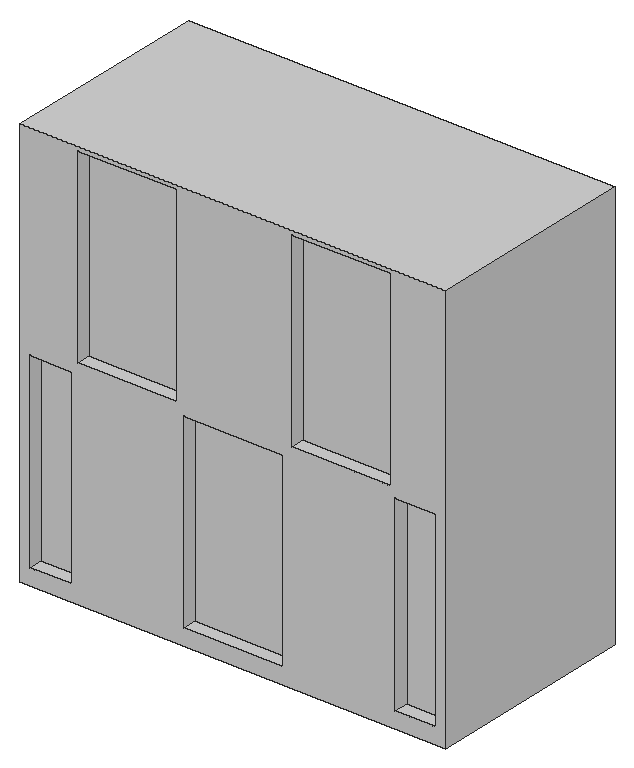
Revit family "SA 6H4W", category Mechanical Equipment, Revit 2019
Family settings
  Round Connector Dimension = Use Diameter
  Part Type = Normal
  OmniClass Number = 23.75.00.00
  OmniClass Title = Climate Control (HVAC)
  Work Plane-Based = No
  Always vertical = Yes
  Cut with Voids When Loaded = No
  Shared = No
  Room Calculation Point = No
Parameters (values of type "6H4W SA")
  Width = 5' - 4 1/2"
  Weight (lbs.) = "2203"
  URL = "www.renewaire.com"
  Model = "6H4W SA"
  Manufacturer = "Renewaire LLC"
  Length = 10' - 10 1/4"
  Housing = Metal - RenewAire - Anodized - Gray Text
  Height = 10' - 5 1/2"
  Description = "Energy Recovery Ventilator"
  Cores (L125-G5) = "24"
  Airflow Range (CFM) = "6,000-26,400"
Reference planes (in)
  plane 1 "Center (Front/Back)": y = 0
  plane 2: z = 0
  plane 3 "Center (Left/Right)": x = 0
Forms (in)
  Extrusion 1, solid, material "Metal - RenewAire - Anodized - Gray Text" <- "Housing"
    sketch origin (0, -16.07731, 0) x (0, 1, 0) y (0, 0, 1)
      loop
        line (32.26413, 145.375) -> (-32.26413, 145.375) -> (-32.26413, 19.875) -> (32.26413, 19.875) -> (32.26413, 145.375)
    from 0 to 130.25
  Extrusion 2, void
    sketch origin (0.62375, -14.11828, 19.48574) x (1, 0, 0) y (0, 0, 1)
      loop
        line (2.375, 63.5) -> (2.375, 5.25) -> (15.17072, 5.25) -> (15.17072, 63.5) -> (2.375, 63.5)
      loop
        line (49.50854, 63.5) -> (49.50854, 5.25) -> (79.83716, 5.25) -> (79.83716, 63.5) -> (49.50854, 63.5)
      loop
        line (47.32983, 124.75) -> (17.00122, 124.75) -> (17.00122, 66.5) -> (47.32983, 66.5) -> (47.32983, 124.75)
      loop
        line (82.52479, 124.75) -> (82.52479, 66.5) -> (112.77479, 66.5) -> (112.77479, 124.75) -> (82.52479, 124.75)
      loop
        line (114.17072, 63.5) -> (114.17072, 5.25) -> (126.54572, 5.25) -> (126.54572, 63.5) -> (114.17072, 63.5)
    from 30 to 38.22316
  Extrusion 3, void
    sketch origin (-0.12625, 49.88172, -1.18675) x (1, 0, 0) y (0, 0, 1)
      loop
        line (3.17072, 84.13013) -> (3.17072, 25.88013) -> (15.96643, 25.88013) -> (15.96643, 84.13013) -> (3.17072, 84.13013)
      loop
        line (50.30426, 84.13013) -> (50.30426, 25.88013) -> (80.63287, 25.88013) -> (80.63287, 84.13013) -> (50.30426, 84.13013)
      loop
        line (48.12555, 145.375) -> (17.79694, 145.375) -> (17.79694, 87.13013) -> (48.12555, 87.13013) -> (48.12555, 145.375)
      loop
        line (83.32051, 145.31611) -> (83.32051, 87.13013) -> (113.52479, 87.13013) -> (113.52479, 145.31611) -> (83.32051, 145.31611)
      loop
        line (127.29572, 84.17249) -> (114.92072, 84.17249) -> (114.92072, 25.92249) -> (127.29572, 25.92249) -> (127.29572, 84.17249)
    from 30 to 38.22316
Cuts and joins
  Extrusion 2, Extrusion 3 cuts Extrusion 1
Dimensions and locks (in)
  aligned and locked: level to plane 2
